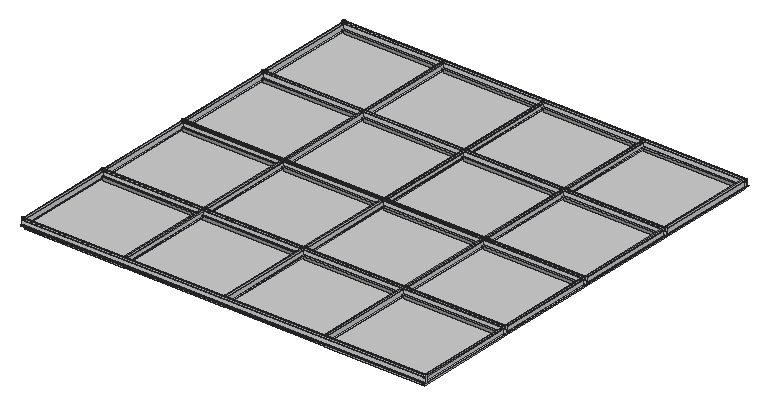
Revit family "GRD-TLE-021_TILE 001_RFA", category Modelos genéricos, Revit 2022 (continued)
Forms (in)
  Extrusion 265, solid, not visible
    sketch origin (16, 0, 0) x (0, 1, 0) y (0, 0, 1)
      loop
        line (24.28363, 0.65884) -> (24.28363, 0.81105) -> (24.15525, 0.96325) -> (0.66201, 0.96325) -> (0.53363, 0.81105) -> (0.53363, 0.65884) -> (1.04039, 0.65884) -> (1.04039, 0.08825) -> (23.77686, 0.08825) -> (23.77686, 0.65884) -> (24.28363, 0.65884)
    from 1.02721 to 1.49718
  Extrusion 266, solid, not visible
    sketch origin (22.53003, 0, 0) x (0, 1, 0) y (0, 0, 1)
      loop
        line (24.28363, 0.65884) -> (24.28363, 0.81105) -> (24.15525, 0.96325) -> (0.66201, 0.96325) -> (0.53363, 0.81105) -> (0.53363, 0.65884) -> (1.04039, 0.65884) -> (1.04039, 0.08825) -> (23.77686, 0.08825) -> (23.77686, 0.65884) -> (24.28363, 0.65884)
    from 1.02721 to 1.49718
  Extrusion 267, solid
    sketch origin (0, 0, 0) x (1, 0, 0) y (0, 0, 1)
      loop
        line (1.09883, 0.09247) -> (23.8353, 0.09247) -> (23.8353, 0.66306) -> (24.0853, 0.66306) -> (24.34206, 0.66306) -> (24.34206, 0.81527) -> (24.21368, 0.96747) -> (0.72045, 0.96747) -> (0.59206, 0.81527) -> (0.59206, 0.66306) -> (0.84883, 0.66306) -> (1.09883, 0.66306) -> (1.09883, 0.09247)
    from -1.53248 to -1.06251
  Extrusion 268, solid
    sketch origin (0, 22.34253, 0) x (1, 0, 0) y (0, 0, 1)
      loop
        line (1.09883, 0.09247) -> (23.8353, 0.09247) -> (23.8353, 0.66306) -> (24.0853, 0.66306) -> (24.34206, 0.66306) -> (24.34206, 0.81527) -> (24.21368, 0.96747) -> (0.72045, 0.96747) -> (0.59206, 0.81527) -> (0.59206, 0.66306) -> (0.84883, 0.66306) -> (1.09883, 0.66306) -> (1.09883, 0.09247)
    from -1.53248 to -1.06251
  Extrusion 269, solid, not visible
    sketch origin (0, 0, 0) x (1, 0, 0) y (0, 1, 0)
      loop
        line (24.37331, 0.56251) -> (24.37331, 24.37501) -> (0.56081, 24.37501) -> (0.56081, 0.56251) -> (24.37331, 0.56251)
    from -0.14799 to 0.32867
  Extrusion 270, solid, not visible
    sketch origin (0, 0, 0) x (1, 0, 0) y (0, 0, 1)
      loop
        line (1.09883, 0.09247) -> (23.8353, 0.09247) -> (23.8353, 0.66306) -> (24.0853, 0.66306) -> (24.34206, 0.66306) -> (24.34206, 0.81527) -> (24.21368, 0.96747) -> (0.72045, 0.96747) -> (0.59206, 0.81527) -> (0.59206, 0.66306) -> (0.84883, 0.66306) -> (1.09883, 0.66306) -> (1.09883, 0.09247)
    from -1.53248 to -1.06251
  Extrusion 271, solid, not visible
    sketch origin (0, 22.34253, 0) x (1, 0, 0) y (0, 0, 1)
      loop
        line (1.09883, 0.09247) -> (23.8353, 0.09247) -> (23.8353, 0.66306) -> (24.0853, 0.66306) -> (24.34206, 0.66306) -> (24.34206, 0.81527) -> (24.21368, 0.96747) -> (0.72045, 0.96747) -> (0.59206, 0.81527) -> (0.59206, 0.66306) -> (0.84883, 0.66306) -> (1.09883, 0.66306) -> (1.09883, 0.09247)
    from -1.53248 to -1.06251
  Extrusion 272, solid
    sketch origin (24, 0, 0) x (1, 0, 0) y (0, 1, 0)
      loop
        line (24.37331, 0.56251) -> (24.37331, 24.37501) -> (0.56081, 24.37501) -> (0.56081, 0.56251) -> (24.37331, 0.56251)
    from -0.14799 to 0.32867
  Extrusion 273, solid
    sketch origin (24, 0, 0) x (1, 0, 0) y (0, 0, 1)
      loop
        line (1.09883, 0.09247) -> (23.8353, 0.09247) -> (23.8353, 0.66306) -> (24.0853, 0.66306) -> (24.34206, 0.66306) -> (24.34206, 0.81527) -> (24.21368, 0.96747) -> (0.72045, 0.96747) -> (0.59206, 0.81527) -> (0.59206, 0.66306) -> (0.84883, 0.66306) -> (1.09883, 0.66306) -> (1.09883, 0.09247)
    from -1.53248 to -1.06251
  Extrusion 274, solid
    sketch origin (24, 22.34253, 0) x (1, 0, 0) y (0, 0, 1)
      loop
        line (1.09883, 0.09247) -> (23.8353, 0.09247) -> (23.8353, 0.66306) -> (24.0853, 0.66306) -> (24.34206, 0.66306) -> (24.34206, 0.81527) -> (24.21368, 0.96747) -> (0.72045, 0.96747) -> (0.59206, 0.81527) -> (0.59206, 0.66306) -> (0.84883, 0.66306) -> (1.09883, 0.66306) -> (1.09883, 0.09247)
    from -1.53248 to -1.06251
  Extrusion 275, solid
    sketch origin (48, 0, 0) x (1, 0, 0) y (0, 1, 0)
      loop
        line (24.37331, 0.56251) -> (24.37331, 24.37501) -> (0.56081, 24.37501) -> (0.56081, 0.56251) -> (24.37331, 0.56251)
    from -0.14799 to 0.32867
  Extrusion 276, solid
    sketch origin (48, 0, 0) x (1, 0, 0) y (0, 0, 1)
      loop
        line (1.09883, 0.09247) -> (23.8353, 0.09247) -> (23.8353, 0.66306) -> (24.0853, 0.66306) -> (24.34206, 0.66306) -> (24.34206, 0.81527) -> (24.21368, 0.96747) -> (0.72045, 0.96747) -> (0.59206, 0.81527) -> (0.59206, 0.66306) -> (0.84883, 0.66306) -> (1.09883, 0.66306) -> (1.09883, 0.09247)
    from -1.53248 to -1.06251
  Extrusion 277, solid
    sketch origin (48, 22.34253, 0) x (1, 0, 0) y (0, 0, 1)
      loop
        line (1.09883, 0.09247) -> (23.8353, 0.09247) -> (23.8353, 0.66306) -> (24.0853, 0.66306) -> (24.34206, 0.66306) -> (24.34206, 0.81527) -> (24.21368, 0.96747) -> (0.72045, 0.96747) -> (0.59206, 0.81527) -> (0.59206, 0.66306) -> (0.84883, 0.66306) -> (1.09883, 0.66306) -> (1.09883, 0.09247)
    from -1.53248 to -1.06251
  Extrusion 278, solid
    sketch origin (72, 0, 0) x (1, 0, 0) y (0, 1, 0)
      loop
        line (24.37331, 0.56251) -> (24.37331, 24.37501) -> (0.56081, 24.37501) -> (0.56081, 0.56251) -> (24.37331, 0.56251)
    from -0.14799 to 0.32867
  Extrusion 279, solid
    sketch origin (72, 0, 0) x (1, 0, 0) y (0, 0, 1)
      loop
        line (1.09883, 0.09247) -> (23.8353, 0.09247) -> (23.8353, 0.66306) -> (24.0853, 0.66306) -> (24.34206, 0.66306) -> (24.34206, 0.81527) -> (24.21368, 0.96747) -> (0.72045, 0.96747) -> (0.59206, 0.81527) -> (0.59206, 0.66306) -> (0.84883, 0.66306) -> (1.09883, 0.66306) -> (1.09883, 0.09247)
    from -1.53248 to -1.06251
  Extrusion 280, solid
    sketch origin (72, 22.34253, 0) x (1, 0, 0) y (0, 0, 1)
      loop
        line (1.09883, 0.09247) -> (23.8353, 0.09247) -> (23.8353, 0.66306) -> (24.0853, 0.66306) -> (24.34206, 0.66306) -> (24.34206, 0.81527) -> (24.21368, 0.96747) -> (0.72045, 0.96747) -> (0.59206, 0.81527) -> (0.59206, 0.66306) -> (0.84883, 0.66306) -> (1.09883, 0.66306) -> (1.09883, 0.09247)
    from -1.53248 to -1.06251
  Extrusion 281, solid
    sketch origin (0, 24, 0) x (1, 0, 0) y (0, 1, 0)
      loop
        line (24.37331, 0.56251) -> (24.37331, 24.37501) -> (0.56081, 24.37501) -> (0.56081, 0.56251) -> (24.37331, 0.56251)
    from -0.14799 to 0.32867
  Extrusion 282, solid
    sketch origin (0, 24, 0) x (1, 0, 0) y (0, 0, 1)
      loop
        line (1.09883, 0.09247) -> (23.8353, 0.09247) -> (23.8353, 0.66306) -> (24.0853, 0.66306) -> (24.34206, 0.66306) -> (24.34206, 0.81527) -> (24.21368, 0.96747) -> (0.72045, 0.96747) -> (0.59206, 0.81527) -> (0.59206, 0.66306) -> (0.84883, 0.66306) -> (1.09883, 0.66306) -> (1.09883, 0.09247)
    from -1.53248 to -1.06251
  Extrusion 283, solid
    sketch origin (0, 46.34253, 0) x (1, 0, 0) y (0, 0, 1)
      loop
        line (1.09883, 0.09247) -> (23.8353, 0.09247) -> (23.8353, 0.66306) -> (24.0853, 0.66306) -> (24.34206, 0.66306) -> (24.34206, 0.81527) -> (24.21368, 0.96747) -> (0.72045, 0.96747) -> (0.59206, 0.81527) -> (0.59206, 0.66306) -> (0.84883, 0.66306) -> (1.09883, 0.66306) -> (1.09883, 0.09247)
    from -1.53248 to -1.06251
  Extrusion 284, solid
    sketch origin (24, 24, 0) x (1, 0, 0) y (0, 1, 0)
      loop
        line (24.37331, 0.56251) -> (24.37331, 24.37501) -> (0.56081, 24.37501) -> (0.56081, 0.56251) -> (24.37331, 0.56251)
    from -0.14799 to 0.32867
  Extrusion 285, solid
    sketch origin (24, 24, 0) x (1, 0, 0) y (0, 0, 1)
      loop
        line (1.09883, 0.09247) -> (23.8353, 0.09247) -> (23.8353, 0.66306) -> (24.0853, 0.66306) -> (24.34206, 0.66306) -> (24.34206, 0.81527) -> (24.21368, 0.96747) -> (0.72045, 0.96747) -> (0.59206, 0.81527) -> (0.59206, 0.66306) -> (0.84883, 0.66306) -> (1.09883, 0.66306) -> (1.09883, 0.09247)
    from -1.53248 to -1.06251
  Extrusion 286, solid
    sketch origin (24, 46.34253, 0) x (1, 0, 0) y (0, 0, 1)
      loop
        line (1.09883, 0.09247) -> (23.8353, 0.09247) -> (23.8353, 0.66306) -> (24.0853, 0.66306) -> (24.34206, 0.66306) -> (24.34206, 0.81527) -> (24.21368, 0.96747) -> (0.72045, 0.96747) -> (0.59206, 0.81527) -> (0.59206, 0.66306) -> (0.84883, 0.66306) -> (1.09883, 0.66306) -> (1.09883, 0.09247)
    from -1.53248 to -1.06251
  Extrusion 287, solid
    sketch origin (48, 24, 0) x (1, 0, 0) y (0, 1, 0)
      loop
        line (24.37331, 0.56251) -> (24.37331, 24.37501) -> (0.56081, 24.37501) -> (0.56081, 0.56251) -> (24.37331, 0.56251)
    from -0.14799 to 0.32867
  Extrusion 288, solid
    sketch origin (48, 24, 0) x (1, 0, 0) y (0, 0, 1)
      loop
        line (1.09883, 0.09247) -> (23.8353, 0.09247) -> (23.8353, 0.66306) -> (24.0853, 0.66306) -> (24.34206, 0.66306) -> (24.34206, 0.81527) -> (24.21368, 0.96747) -> (0.72045, 0.96747) -> (0.59206, 0.81527) -> (0.59206, 0.66306) -> (0.84883, 0.66306) -> (1.09883, 0.66306) -> (1.09883, 0.09247)
    from -1.53248 to -1.06251
  Extrusion 289, solid
    sketch origin (48, 46.34253, 0) x (1, 0, 0) y (0, 0, 1)
      loop
        line (1.09883, 0.09247) -> (23.8353, 0.09247) -> (23.8353, 0.66306) -> (24.0853, 0.66306) -> (24.34206, 0.66306) -> (24.34206, 0.81527) -> (24.21368, 0.96747) -> (0.72045, 0.96747) -> (0.59206, 0.81527) -> (0.59206, 0.66306) -> (0.84883, 0.66306) -> (1.09883, 0.66306) -> (1.09883, 0.09247)
    from -1.53248 to -1.06251
  Extrusion 290, solid
    sketch origin (72, 24, 0) x (1, 0, 0) y (0, 1, 0)
      loop
        line (24.37331, 0.56251) -> (24.37331, 24.37501) -> (0.56081, 24.37501) -> (0.56081, 0.56251) -> (24.37331, 0.56251)
    from -0.14799 to 0.32867
  Extrusion 291, solid
    sketch origin (72, 24, 0) x (1, 0, 0) y (0, 0, 1)
      loop
        line (1.09883, 0.09247) -> (23.8353, 0.09247) -> (23.8353, 0.66306) -> (24.0853, 0.66306) -> (24.34206, 0.66306) -> (24.34206, 0.81527) -> (24.21368, 0.96747) -> (0.72045, 0.96747) -> (0.59206, 0.81527) -> (0.59206, 0.66306) -> (0.84883, 0.66306) -> (1.09883, 0.66306) -> (1.09883, 0.09247)
    from -1.53248 to -1.06251
  Extrusion 292, solid
    sketch origin (72, 46.34253, 0) x (1, 0, 0) y (0, 0, 1)
      loop
        line (1.09883, 0.09247) -> (23.8353, 0.09247) -> (23.8353, 0.66306) -> (24.0853, 0.66306) -> (24.34206, 0.66306) -> (24.34206, 0.81527) -> (24.21368, 0.96747) -> (0.72045, 0.96747) -> (0.59206, 0.81527) -> (0.59206, 0.66306) -> (0.84883, 0.66306) -> (1.09883, 0.66306) -> (1.09883, 0.09247)
    from -1.53248 to -1.06251
  Extrusion 293, solid
    sketch origin (0, 48, 0) x (1, 0, 0) y (0, 1, 0)
      loop
        line (24.37331, 0.56251) -> (24.37331, 24.37501) -> (0.56081, 24.37501) -> (0.56081, 0.56251) -> (24.37331, 0.56251)
    from -0.14799 to 0.32867
  Extrusion 294, solid
    sketch origin (0, 48, 0) x (1, 0, 0) y (0, 0, 1)
      loop
        line (1.09883, 0.09247) -> (23.8353, 0.09247) -> (23.8353, 0.66306) -> (24.0853, 0.66306) -> (24.34206, 0.66306) -> (24.34206, 0.81527) -> (24.21368, 0.96747) -> (0.72045, 0.96747) -> (0.59206, 0.81527) -> (0.59206, 0.66306) -> (0.84883, 0.66306) -> (1.09883, 0.66306) -> (1.09883, 0.09247)
    from -1.53248 to -1.06251
  Extrusion 295, solid
    sketch origin (0, 70.34253, 0) x (1, 0, 0) y (0, 0, 1)
      loop
        line (1.09883, 0.09247) -> (23.8353, 0.09247) -> (23.8353, 0.66306) -> (24.0853, 0.66306) -> (24.34206, 0.66306) -> (24.34206, 0.81527) -> (24.21368, 0.96747) -> (0.72045, 0.96747) -> (0.59206, 0.81527) -> (0.59206, 0.66306) -> (0.84883, 0.66306) -> (1.09883, 0.66306) -> (1.09883, 0.09247)
    from -1.53248 to -1.06251
  Extrusion 296, solid
    sketch origin (24, 48, 0) x (1, 0, 0) y (0, 1, 0)
      loop
        line (24.37331, 0.56251) -> (24.37331, 24.37501) -> (0.56081, 24.37501) -> (0.56081, 0.56251) -> (24.37331, 0.56251)
    from -0.14799 to 0.32867
  Extrusion 297, solid
    sketch origin (24, 48, 0) x (1, 0, 0) y (0, 0, 1)
      loop
        line (1.09883, 0.09247) -> (23.8353, 0.09247) -> (23.8353, 0.66306) -> (24.0853, 0.66306) -> (24.34206, 0.66306) -> (24.34206, 0.81527) -> (24.21368, 0.96747) -> (0.72045, 0.96747) -> (0.59206, 0.81527) -> (0.59206, 0.66306) -> (0.84883, 0.66306) -> (1.09883, 0.66306) -> (1.09883, 0.09247)
    from -1.53248 to -1.06251
  Extrusion 298, solid
    sketch origin (24, 70.34253, 0) x (1, 0, 0) y (0, 0, 1)
      loop
        line (1.09883, 0.09247) -> (23.8353, 0.09247) -> (23.8353, 0.66306) -> (24.0853, 0.66306) -> (24.34206, 0.66306) -> (24.34206, 0.81527) -> (24.21368, 0.96747) -> (0.72045, 0.96747) -> (0.59206, 0.81527) -> (0.59206, 0.66306) -> (0.84883, 0.66306) -> (1.09883, 0.66306) -> (1.09883, 0.09247)
    from -1.53248 to -1.06251
  Extrusion 299, solid
    sketch origin (48, 48, 0) x (1, 0, 0) y (0, 1, 0)
      loop
        line (24.37331, 0.56251) -> (24.37331, 24.37501) -> (0.56081, 24.37501) -> (0.56081, 0.56251) -> (24.37331, 0.56251)
    from -0.14799 to 0.32867
  Extrusion 300, solid
    sketch origin (48, 48, 0) x (1, 0, 0) y (0, 0, 1)
      loop
        line (1.09883, 0.09247) -> (23.8353, 0.09247) -> (23.8353, 0.66306) -> (24.0853, 0.66306) -> (24.34206, 0.66306) -> (24.34206, 0.81527) -> (24.21368, 0.96747) -> (0.72045, 0.96747) -> (0.59206, 0.81527) -> (0.59206, 0.66306) -> (0.84883, 0.66306) -> (1.09883, 0.66306) -> (1.09883, 0.09247)
    from -1.53248 to -1.06251
  Extrusion 301, solid
    sketch origin (48, 70.34253, 0) x (1, 0, 0) y (0, 0, 1)
      loop
        line (1.09883, 0.09247) -> (23.8353, 0.09247) -> (23.8353, 0.66306) -> (24.0853, 0.66306) -> (24.34206, 0.66306) -> (24.34206, 0.81527) -> (24.21368, 0.96747) -> (0.72045, 0.96747) -> (0.59206, 0.81527) -> (0.59206, 0.66306) -> (0.84883, 0.66306) -> (1.09883, 0.66306) -> (1.09883, 0.09247)
    from -1.53248 to -1.06251
  Extrusion 302, solid
    sketch origin (72, 48, 0) x (1, 0, 0) y (0, 1, 0)
      loop
        line (24.37331, 0.56251) -> (24.37331, 24.37501) -> (0.56081, 24.37501) -> (0.56081, 0.56251) -> (24.37331, 0.56251)
    from -0.14799 to 0.32867
  Extrusion 303, solid
    sketch origin (72, 48, 0) x (1, 0, 0) y (0, 0, 1)
      loop
        line (1.09883, 0.09247) -> (23.8353, 0.09247) -> (23.8353, 0.66306) -> (24.0853, 0.66306) -> (24.34206, 0.66306) -> (24.34206, 0.81527) -> (24.21368, 0.96747) -> (0.72045, 0.96747) -> (0.59206, 0.81527) -> (0.59206, 0.66306) -> (0.84883, 0.66306) -> (1.09883, 0.66306) -> (1.09883, 0.09247)
    from -1.53248 to -1.06251
  Extrusion 304, solid
    sketch origin (72, 70.34253, 0) x (1, 0, 0) y (0, 0, 1)
      loop
        line (1.09883, 0.09247) -> (23.8353, 0.09247) -> (23.8353, 0.66306) -> (24.0853, 0.66306) -> (24.34206, 0.66306) -> (24.34206, 0.81527) -> (24.21368, 0.96747) -> (0.72045, 0.96747) -> (0.59206, 0.81527) -> (0.59206, 0.66306) -> (0.84883, 0.66306) -> (1.09883, 0.66306) -> (1.09883, 0.09247)
    from -1.53248 to -1.06251
  Extrusion 305, solid
    sketch origin (0, 72, 0) x (1, 0, 0) y (0, 1, 0)
      loop
        line (24.37331, 0.56251) -> (24.37331, 24.37501) -> (0.56081, 24.37501) -> (0.56081, 0.56251) -> (24.37331, 0.56251)
    from -0.14799 to 0.32867
  Extrusion 306, solid
    sketch origin (0, 72, 0) x (1, 0, 0) y (0, 0, 1)
      loop
        line (1.09883, 0.09247) -> (23.8353, 0.09247) -> (23.8353, 0.66306) -> (24.0853, 0.66306) -> (24.34206, 0.66306) -> (24.34206, 0.81527) -> (24.21368, 0.96747) -> (0.72045, 0.96747) -> (0.59206, 0.81527) -> (0.59206, 0.66306) -> (0.84883, 0.66306) -> (1.09883, 0.66306) -> (1.09883, 0.09247)
    from -1.53248 to -1.06251
  Extrusion 307, solid
    sketch origin (0, 94.34253, 0) x (1, 0, 0) y (0, 0, 1)
      loop
        line (1.09883, 0.09247) -> (23.8353, 0.09247) -> (23.8353, 0.66306) -> (24.0853, 0.66306) -> (24.34206, 0.66306) -> (24.34206, 0.81527) -> (24.21368, 0.96747) -> (0.72045, 0.96747) -> (0.59206, 0.81527) -> (0.59206, 0.66306) -> (0.84883, 0.66306) -> (1.09883, 0.66306) -> (1.09883, 0.09247)
    from -1.53248 to -1.06251
  Extrusion 308, solid
    sketch origin (24, 72, 0) x (1, 0, 0) y (0, 1, 0)
      loop
        line (24.37331, 0.56251) -> (24.37331, 24.37501) -> (0.56081, 24.37501) -> (0.56081, 0.56251) -> (24.37331, 0.56251)
    from -0.14799 to 0.32867
  Extrusion 309, solid
    sketch origin (24, 72, 0) x (1, 0, 0) y (0, 0, 1)
      loop
        line (1.09883, 0.09247) -> (23.8353, 0.09247) -> (23.8353, 0.66306) -> (24.0853, 0.66306) -> (24.34206, 0.66306) -> (24.34206, 0.81527) -> (24.21368, 0.96747) -> (0.72045, 0.96747) -> (0.59206, 0.81527) -> (0.59206, 0.66306) -> (0.84883, 0.66306) -> (1.09883, 0.66306) -> (1.09883, 0.09247)
    from -1.53248 to -1.06251
  Extrusion 310, solid
    sketch origin (24, 94.34253, 0) x (1, 0, 0) y (0, 0, 1)
      loop
        line (1.09883, 0.09247) -> (23.8353, 0.09247) -> (23.8353, 0.66306) -> (24.0853, 0.66306) -> (24.34206, 0.66306) -> (24.34206, 0.81527) -> (24.21368, 0.96747) -> (0.72045, 0.96747) -> (0.59206, 0.81527) -> (0.59206, 0.66306) -> (0.84883, 0.66306) -> (1.09883, 0.66306) -> (1.09883, 0.09247)
    from -1.53248 to -1.06251
  Extrusion 311, solid
    sketch origin (48, 72, 0) x (1, 0, 0) y (0, 1, 0)
      loop
        line (24.37331, 0.56251) -> (24.37331, 24.37501) -> (0.56081, 24.37501) -> (0.56081, 0.56251) -> (24.37331, 0.56251)
    from -0.14799 to 0.32867
  Extrusion 312, solid
    sketch origin (48, 72, 0) x (1, 0, 0) y (0, 0, 1)
      loop
        line (1.09883, 0.09247) -> (23.8353, 0.09247) -> (23.8353, 0.66306) -> (24.0853, 0.66306) -> (24.34206, 0.66306) -> (24.34206, 0.81527) -> (24.21368, 0.96747) -> (0.72045, 0.96747) -> (0.59206, 0.81527) -> (0.59206, 0.66306) -> (0.84883, 0.66306) -> (1.09883, 0.66306) -> (1.09883, 0.09247)
    from -1.53248 to -1.06251
  Extrusion 313, solid
    sketch origin (48, 94.34253, 0) x (1, 0, 0) y (0, 0, 1)
      loop
        line (1.09883, 0.09247) -> (23.8353, 0.09247) -> (23.8353, 0.66306) -> (24.0853, 0.66306) -> (24.34206, 0.66306) -> (24.34206, 0.81527) -> (24.21368, 0.96747) -> (0.72045, 0.96747) -> (0.59206, 0.81527) -> (0.59206, 0.66306) -> (0.84883, 0.66306) -> (1.09883, 0.66306) -> (1.09883, 0.09247)
    from -1.53248 to -1.06251
  Extrusion 314, solid
    sketch origin (72, 72, 0) x (1, 0, 0) y (0, 1, 0)
      loop
        line (24.37331, 0.56251) -> (24.37331, 24.37501) -> (0.56081, 24.37501) -> (0.56081, 0.56251) -> (24.37331, 0.56251)
    from -0.14799 to 0.32867
  Extrusion 315, solid
    sketch origin (72, 72, 0) x (1, 0, 0) y (0, 0, 1)
      loop
        line (1.09883, 0.09247) -> (23.8353, 0.09247) -> (23.8353, 0.66306) -> (24.0853, 0.66306) -> (24.34206, 0.66306) -> (24.34206, 0.81527) -> (24.21368, 0.96747) -> (0.72045, 0.96747) -> (0.59206, 0.81527) -> (0.59206, 0.66306) -> (0.84883, 0.66306) -> (1.09883, 0.66306) -> (1.09883, 0.09247)
    from -1.53248 to -1.06251
  Extrusion 316, solid
    sketch origin (72, 94.34253, 0) x (1, 0, 0) y (0, 0, 1)
      loop
        line (1.09883, 0.09247) -> (23.8353, 0.09247) -> (23.8353, 0.66306) -> (24.0853, 0.66306) -> (24.34206, 0.66306) -> (24.34206, 0.81527) -> (24.21368, 0.96747) -> (0.72045, 0.96747) -> (0.59206, 0.81527) -> (0.59206, 0.66306) -> (0.84883, 0.66306) -> (1.09883, 0.66306) -> (1.09883, 0.09247)
    from -1.53248 to -1.06251
  Extrusion 317, solid, not visible
    sketch origin (0, 0, 0) x (0, 1, 0) y (0, 0, 1)
      loop
        line (0.42221, 1.66259) -> (0.42231, 0.67354)
        arc (0.42231, 0.67354) -> (0.41009, 0.64403) -> (0.38057, 0.6318) r 0.04174
        line (0.38057, 0.6318) -> (-0.00639, 0.6318) -> (-0.00639, 0.59057) -> (0.8874, 0.59057) -> (0.8874, 0.6318) -> (0.49998, 0.6318)
        arc (0.49998, 0.6318) -> (0.47046, 0.64403) -> (0.45824, 0.67354) r 0.04174
        line (0.45824, 0.67354) -> (0.45834, 1.66259)
        arc (0.45834, 1.66259) -> (0.46543, 1.67969) -> (0.48252, 1.68677) r 0.02418
        line (0.48252, 1.68677) -> (0.52252, 1.68677)
        arc (0.52252, 1.68677) -> (0.55303, 1.69941) -> (0.56566, 1.72991) r 0.04314
        line (0.56566, 1.72991) -> (0.56566, 2.14095)
        arc (0.56566, 2.14095) -> (0.5626, 2.15637) -> (0.55386, 2.16944) r 0.04029
        line (0.55386, 2.16944) -> (0.47053, 2.25277)
        arc (0.47053, 2.25277) -> (0.44027, 2.2653) -> (0.41002, 2.25277) r 0.04279
        line (0.41002, 2.25277) -> (0.32669, 2.16944)
        arc (0.32669, 2.16944) -> (0.31795, 2.15637) -> (0.31489, 2.14095) r 0.04029
        line (0.31489, 2.14095) -> (0.31489, 1.72991)
        arc (0.31489, 1.72991) -> (0.32752, 1.69941) -> (0.35803, 1.68677) r 0.04314
        line (0.35803, 1.68677) -> (0.39803, 1.68677)
        arc (0.39803, 1.68677) -> (0.41512, 1.67969) -> (0.42221, 1.66259) r 0.02418
      loop
        arc (0.33294, 1.7291) -> (0.34005, 1.71194) -> (0.35722, 1.70483) r 0.02428
        line (0.35722, 1.70483) -> (0.39815, 1.70483)
        arc (0.39815, 1.70483) -> (0.42797, 1.69248) -> (0.44023, 1.66266) r 0.04217
        arc (0.44023, 1.66266) -> (0.45258, 1.69248) -> (0.4824, 1.70483) r 0.04217
        line (0.4824, 1.70483) -> (0.52333, 1.70483)
        arc (0.52333, 1.70483) -> (0.54049, 1.71194) -> (0.54761, 1.7291) r 0.02428
        line (0.54761, 1.7291) -> (0.54761, 2.15016) -> (0.45704, 2.24072)
        arc (0.45704, 2.24072) -> (0.44027, 2.24767) -> (0.42351, 2.24072) r 0.02371
        line (0.42351, 2.24072) -> (0.33294, 2.15016) -> (0.33294, 1.7291)
    from 0 to 96.9361
  Extrusion 318, solid, not visible
    sketch origin (0, 24, 0) x (0, 1, 0) y (0, 0, 1)
      loop
        line (0.42221, 1.66259) -> (0.42231, 0.67354)
        arc (0.42231, 0.67354) -> (0.41009, 0.64403) -> (0.38057, 0.6318) r 0.04174
        line (0.38057, 0.6318) -> (-0.00639, 0.6318) -> (-0.00639, 0.59057) -> (0.8874, 0.59057) -> (0.8874, 0.6318) -> (0.49998, 0.6318)
        arc (0.49998, 0.6318) -> (0.47046, 0.64403) -> (0.45824, 0.67354) r 0.04174
        line (0.45824, 0.67354) -> (0.45834, 1.66259)
        arc (0.45834, 1.66259) -> (0.46543, 1.67969) -> (0.48252, 1.68677) r 0.02418
        line (0.48252, 1.68677) -> (0.52252, 1.68677)
        arc (0.52252, 1.68677) -> (0.55303, 1.69941) -> (0.56566, 1.72991) r 0.04314
        line (0.56566, 1.72991) -> (0.56566, 2.14095)
        arc (0.56566, 2.14095) -> (0.5626, 2.15637) -> (0.55386, 2.16944) r 0.04029
        line (0.55386, 2.16944) -> (0.47053, 2.25277)
        arc (0.47053, 2.25277) -> (0.44027, 2.2653) -> (0.41002, 2.25277) r 0.04279
        line (0.41002, 2.25277) -> (0.32669, 2.16944)
        arc (0.32669, 2.16944) -> (0.31795, 2.15637) -> (0.31489, 2.14095) r 0.04029
        line (0.31489, 2.14095) -> (0.31489, 1.72991)
        arc (0.31489, 1.72991) -> (0.32752, 1.69941) -> (0.35803, 1.68677) r 0.04314
        line (0.35803, 1.68677) -> (0.39803, 1.68677)
        arc (0.39803, 1.68677) -> (0.41512, 1.67969) -> (0.42221, 1.66259) r 0.02418
      loop
        arc (0.33294, 1.7291) -> (0.34005, 1.71194) -> (0.35722, 1.70483) r 0.02428
        line (0.35722, 1.70483) -> (0.39815, 1.70483)
        arc (0.39815, 1.70483) -> (0.42797, 1.69248) -> (0.44023, 1.66266) r 0.04217
        arc (0.44023, 1.66266) -> (0.45258, 1.69248) -> (0.4824, 1.70483) r 0.04217
        line (0.4824, 1.70483) -> (0.52333, 1.70483)
        arc (0.52333, 1.70483) -> (0.54049, 1.71194) -> (0.54761, 1.7291) r 0.02428
        line (0.54761, 1.7291) -> (0.54761, 2.15016) -> (0.45704, 2.24072)
        arc (0.45704, 2.24072) -> (0.44027, 2.24767) -> (0.42351, 2.24072) r 0.02371
        line (0.42351, 2.24072) -> (0.33294, 2.15016) -> (0.33294, 1.7291)
    from 0 to 96.9361
  Extrusion 319, solid, not visible
    sketch origin (0, 48, 0) x (0, 1, 0) y (0, 0, 1)
      loop
        line (0.42221, 1.66259) -> (0.42231, 0.67354)
        arc (0.42231, 0.67354) -> (0.41009, 0.64403) -> (0.38057, 0.6318) r 0.04174
        line (0.38057, 0.6318) -> (-0.00639, 0.6318) -> (-0.00639, 0.59057) -> (0.8874, 0.59057) -> (0.8874, 0.6318) -> (0.49998, 0.6318)
        arc (0.49998, 0.6318) -> (0.47046, 0.64403) -> (0.45824, 0.67354) r 0.04174
        line (0.45824, 0.67354) -> (0.45834, 1.66259)
        arc (0.45834, 1.66259) -> (0.46543, 1.67969) -> (0.48252, 1.68677) r 0.02418
        line (0.48252, 1.68677) -> (0.52252, 1.68677)
        arc (0.52252, 1.68677) -> (0.55303, 1.69941) -> (0.56566, 1.72991) r 0.04314
        line (0.56566, 1.72991) -> (0.56566, 2.14095)
        arc (0.56566, 2.14095) -> (0.5626, 2.15637) -> (0.55386, 2.16944) r 0.04029
        line (0.55386, 2.16944) -> (0.47053, 2.25277)
        arc (0.47053, 2.25277) -> (0.44027, 2.2653) -> (0.41002, 2.25277) r 0.04279
        line (0.41002, 2.25277) -> (0.32669, 2.16944)
        arc (0.32669, 2.16944) -> (0.31795, 2.15637) -> (0.31489, 2.14095) r 0.04029
        line (0.31489, 2.14095) -> (0.31489, 1.72991)
        arc (0.31489, 1.72991) -> (0.32752, 1.69941) -> (0.35803, 1.68677) r 0.04314
        line (0.35803, 1.68677) -> (0.39803, 1.68677)
        arc (0.39803, 1.68677) -> (0.41512, 1.67969) -> (0.42221, 1.66259) r 0.02418
      loop
        arc (0.33294, 1.7291) -> (0.34005, 1.71194) -> (0.35722, 1.70483) r 0.02428
        line (0.35722, 1.70483) -> (0.39815, 1.70483)
        arc (0.39815, 1.70483) -> (0.42797, 1.69248) -> (0.44023, 1.66266) r 0.04217
        arc (0.44023, 1.66266) -> (0.45258, 1.69248) -> (0.4824, 1.70483) r 0.04217
        line (0.4824, 1.70483) -> (0.52333, 1.70483)
        arc (0.52333, 1.70483) -> (0.54049, 1.71194) -> (0.54761, 1.7291) r 0.02428
        line (0.54761, 1.7291) -> (0.54761, 2.15016) -> (0.45704, 2.24072)
        arc (0.45704, 2.24072) -> (0.44027, 2.24767) -> (0.42351, 2.24072) r 0.02371
        line (0.42351, 2.24072) -> (0.33294, 2.15016) -> (0.33294, 1.7291)
    from 0 to 96.9361
  Extrusion 320, solid, not visible
    sketch origin (0, 72, 0) x (0, 1, 0) y (0, 0, 1)
      loop
        line (0.42221, 1.66259) -> (0.42231, 0.67354)
        arc (0.42231, 0.67354) -> (0.41009, 0.64403) -> (0.38057, 0.6318) r 0.04174
        line (0.38057, 0.6318) -> (-0.00639, 0.6318) -> (-0.00639, 0.59057) -> (0.8874, 0.59057) -> (0.8874, 0.6318) -> (0.49998, 0.6318)
        arc (0.49998, 0.6318) -> (0.47046, 0.64403) -> (0.45824, 0.67354) r 0.04174
        line (0.45824, 0.67354) -> (0.45834, 1.66259)
        arc (0.45834, 1.66259) -> (0.46543, 1.67969) -> (0.48252, 1.68677) r 0.02418
        line (0.48252, 1.68677) -> (0.52252, 1.68677)
        arc (0.52252, 1.68677) -> (0.55303, 1.69941) -> (0.56566, 1.72991) r 0.04314
        line (0.56566, 1.72991) -> (0.56566, 2.14095)
        arc (0.56566, 2.14095) -> (0.5626, 2.15637) -> (0.55386, 2.16944) r 0.04029
        line (0.55386, 2.16944) -> (0.47053, 2.25277)
        arc (0.47053, 2.25277) -> (0.44027, 2.2653) -> (0.41002, 2.25277) r 0.04279
        line (0.41002, 2.25277) -> (0.32669, 2.16944)
        arc (0.32669, 2.16944) -> (0.31795, 2.15637) -> (0.31489, 2.14095) r 0.04029
        line (0.31489, 2.14095) -> (0.31489, 1.72991)
        arc (0.31489, 1.72991) -> (0.32752, 1.69941) -> (0.35803, 1.68677) r 0.04314
        line (0.35803, 1.68677) -> (0.39803, 1.68677)
        arc (0.39803, 1.68677) -> (0.41512, 1.67969) -> (0.42221, 1.66259) r 0.02418
      loop
        arc (0.33294, 1.7291) -> (0.34005, 1.71194) -> (0.35722, 1.70483) r 0.02428
        line (0.35722, 1.70483) -> (0.39815, 1.70483)
        arc (0.39815, 1.70483) -> (0.42797, 1.69248) -> (0.44023, 1.66266) r 0.04217
        arc (0.44023, 1.66266) -> (0.45258, 1.69248) -> (0.4824, 1.70483) r 0.04217
        line (0.4824, 1.70483) -> (0.52333, 1.70483)
        arc (0.52333, 1.70483) -> (0.54049, 1.71194) -> (0.54761, 1.7291) r 0.02428
        line (0.54761, 1.7291) -> (0.54761, 2.15016) -> (0.45704, 2.24072)
        arc (0.45704, 2.24072) -> (0.44027, 2.24767) -> (0.42351, 2.24072) r 0.02371
        line (0.42351, 2.24072) -> (0.33294, 2.15016) -> (0.33294, 1.7291)
    from 0 to 96.9361
  Extrusion 321, solid, not visible
    sketch origin (0, 96, 0) x (0, 1, 0) y (0, 0, 1)
      loop
        line (0.42221, 1.66259) -> (0.42231, 0.67354)
        arc (0.42231, 0.67354) -> (0.41009, 0.64403) -> (0.38057, 0.6318) r 0.04174
        line (0.38057, 0.6318) -> (-0.00639, 0.6318) -> (-0.00639, 0.59057) -> (0.8874, 0.59057) -> (0.8874, 0.6318) -> (0.49998, 0.6318)
        arc (0.49998, 0.6318) -> (0.47046, 0.64403) -> (0.45824, 0.67354) r 0.04174
        line (0.45824, 0.67354) -> (0.45834, 1.66259)
        arc (0.45834, 1.66259) -> (0.46543, 1.67969) -> (0.48252, 1.68677) r 0.02418
        line (0.48252, 1.68677) -> (0.52252, 1.68677)
        arc (0.52252, 1.68677) -> (0.55303, 1.69941) -> (0.56566, 1.72991) r 0.04314
        line (0.56566, 1.72991) -> (0.56566, 2.14095)
        arc (0.56566, 2.14095) -> (0.5626, 2.15637) -> (0.55386, 2.16944) r 0.04029
        line (0.55386, 2.16944) -> (0.47053, 2.25277)
        arc (0.47053, 2.25277) -> (0.44027, 2.2653) -> (0.41002, 2.25277) r 0.04279
        line (0.41002, 2.25277) -> (0.32669, 2.16944)
        arc (0.32669, 2.16944) -> (0.31795, 2.15637) -> (0.31489, 2.14095) r 0.04029
        line (0.31489, 2.14095) -> (0.31489, 1.72991)
        arc (0.31489, 1.72991) -> (0.32752, 1.69941) -> (0.35803, 1.68677) r 0.04314
        line (0.35803, 1.68677) -> (0.39803, 1.68677)
        arc (0.39803, 1.68677) -> (0.41512, 1.67969) -> (0.42221, 1.66259) r 0.02418
      loop
        arc (0.33294, 1.7291) -> (0.34005, 1.71194) -> (0.35722, 1.70483) r 0.02428
        line (0.35722, 1.70483) -> (0.39815, 1.70483)
        arc (0.39815, 1.70483) -> (0.42797, 1.69248) -> (0.44023, 1.66266) r 0.04217
        arc (0.44023, 1.66266) -> (0.45258, 1.69248) -> (0.4824, 1.70483) r 0.04217
        line (0.4824, 1.70483) -> (0.52333, 1.70483)
        arc (0.52333, 1.70483) -> (0.54049, 1.71194) -> (0.54761, 1.7291) r 0.02428
        line (0.54761, 1.7291) -> (0.54761, 2.15016) -> (0.45704, 2.24072)
        arc (0.45704, 2.24072) -> (0.44027, 2.24767) -> (0.42351, 2.24072) r 0.02371
        line (0.42351, 2.24072) -> (0.33294, 2.15016) -> (0.33294, 1.7291)
    from 0 to 96.9361
  Extrusion 322, solid, not visible
    sketch origin (48.02754, 154.90856, 0) x (1, 0, 0) y (0, 0, 1)
      loop
        line (0.42221, 1.66259) -> (0.42231, 0.67354)
        arc (0.42231, 0.67354) -> (0.41009, 0.64403) -> (0.38057, 0.6318) r 0.04174
        line (0.38057, 0.6318) -> (-0.00639, 0.6318) -> (-0.00639, 0.59057) -> (0.8874, 0.59057) -> (0.8874, 0.6318) -> (0.49998, 0.6318)
        arc (0.49998, 0.6318) -> (0.47046, 0.64403) -> (0.45824, 0.67354) r 0.04174
        line (0.45824, 0.67354) -> (0.45834, 1.66259)
        arc (0.45834, 1.66259) -> (0.46543, 1.67969) -> (0.48252, 1.68677) r 0.02418
        line (0.48252, 1.68677) -> (0.52252, 1.68677)
        arc (0.52252, 1.68677) -> (0.55303, 1.69941) -> (0.56566, 1.72991) r 0.04314
        line (0.56566, 1.72991) -> (0.56566, 2.14095)
        arc (0.56566, 2.14095) -> (0.5626, 2.15637) -> (0.55386, 2.16944) r 0.04029
        line (0.55386, 2.16944) -> (0.47053, 2.25277)
        arc (0.47053, 2.25277) -> (0.44027, 2.2653) -> (0.41002, 2.25277) r 0.04279
        line (0.41002, 2.25277) -> (0.32669, 2.16944)
        arc (0.32669, 2.16944) -> (0.31795, 2.15637) -> (0.31489, 2.14095) r 0.04029
        line (0.31489, 2.14095) -> (0.31489, 1.72991)
        arc (0.31489, 1.72991) -> (0.32752, 1.69941) -> (0.35803, 1.68677) r 0.04314
        line (0.35803, 1.68677) -> (0.39803, 1.68677)
        arc (0.39803, 1.68677) -> (0.41512, 1.67969) -> (0.42221, 1.66259) r 0.02418
      loop
        arc (0.33294, 1.7291) -> (0.34005, 1.71194) -> (0.35722, 1.70483) r 0.02428
        line (0.35722, 1.70483) -> (0.39815, 1.70483)
        arc (0.39815, 1.70483) -> (0.42797, 1.69248) -> (0.44023, 1.66266) r 0.04217
        arc (0.44023, 1.66266) -> (0.45258, 1.69248) -> (0.4824, 1.70483) r 0.04217
        line (0.4824, 1.70483) -> (0.52333, 1.70483)
        arc (0.52333, 1.70483) -> (0.54049, 1.71194) -> (0.54761, 1.7291) r 0.02428
        line (0.54761, 1.7291) -> (0.54761, 2.15016) -> (0.45704, 2.24072)
        arc (0.45704, 2.24072) -> (0.44027, 2.24767) -> (0.42351, 2.24072) r 0.02371
        line (0.42351, 2.24072) -> (0.33294, 2.15016) -> (0.33294, 1.7291)
    from 58.93614 to 81.99864
  Extrusion 323, solid, not visible
    sketch origin (72.02767, 154.90856, 0) x (1, 0, 0) y (0, 0, 1)
      loop
        line (0.42221, 1.66259) -> (0.42231, 0.67354)
        arc (0.42231, 0.67354) -> (0.41009, 0.64403) -> (0.38057, 0.6318) r 0.04174
        line (0.38057, 0.6318) -> (-0.00639, 0.6318) -> (-0.00639, 0.59057) -> (0.8874, 0.59057) -> (0.8874, 0.6318) -> (0.49998, 0.6318)
        arc (0.49998, 0.6318) -> (0.47046, 0.64403) -> (0.45824, 0.67354) r 0.04174
        line (0.45824, 0.67354) -> (0.45834, 1.66259)
        arc (0.45834, 1.66259) -> (0.46543, 1.67969) -> (0.48252, 1.68677) r 0.02418
        line (0.48252, 1.68677) -> (0.52252, 1.68677)
        arc (0.52252, 1.68677) -> (0.55303, 1.69941) -> (0.56566, 1.72991) r 0.04314
        line (0.56566, 1.72991) -> (0.56566, 2.14095)
        arc (0.56566, 2.14095) -> (0.5626, 2.15637) -> (0.55386, 2.16944) r 0.04029
        line (0.55386, 2.16944) -> (0.47053, 2.25277)
        arc (0.47053, 2.25277) -> (0.44027, 2.2653) -> (0.41002, 2.25277) r 0.04279
        line (0.41002, 2.25277) -> (0.32669, 2.16944)
        arc (0.32669, 2.16944) -> (0.31795, 2.15637) -> (0.31489, 2.14095) r 0.04029
        line (0.31489, 2.14095) -> (0.31489, 1.72991)
        arc (0.31489, 1.72991) -> (0.32752, 1.69941) -> (0.35803, 1.68677) r 0.04314
        line (0.35803, 1.68677) -> (0.39803, 1.68677)
        arc (0.39803, 1.68677) -> (0.41512, 1.67969) -> (0.42221, 1.66259) r 0.02418
      loop
        arc (0.33294, 1.7291) -> (0.34005, 1.71194) -> (0.35722, 1.70483) r 0.02428
        line (0.35722, 1.70483) -> (0.39815, 1.70483)
        arc (0.39815, 1.70483) -> (0.42797, 1.69248) -> (0.44023, 1.66266) r 0.04217
        arc (0.44023, 1.66266) -> (0.45258, 1.69248) -> (0.4824, 1.70483) r 0.04217
        line (0.4824, 1.70483) -> (0.52333, 1.70483)
        arc (0.52333, 1.70483) -> (0.54049, 1.71194) -> (0.54761, 1.7291) r 0.02428
        line (0.54761, 1.7291) -> (0.54761, 2.15016) -> (0.45704, 2.24072)
        arc (0.45704, 2.24072) -> (0.44027, 2.24767) -> (0.42351, 2.24072) r 0.02371
        line (0.42351, 2.24072) -> (0.33294, 2.15016) -> (0.33294, 1.7291)
    from 58.93614 to 81.99864
  Extrusion 324, solid, not visible
    sketch origin (96.02767, 154.90856, 0) x (1, 0, 0) y (0, 0, 1)
      loop
        line (0.42221, 1.66259) -> (0.42231, 0.67354)
        arc (0.42231, 0.67354) -> (0.41009, 0.64403) -> (0.38057, 0.6318) r 0.04174
        line (0.38057, 0.6318) -> (-0.00639, 0.6318) -> (-0.00639, 0.59057) -> (0.8874, 0.59057) -> (0.8874, 0.6318) -> (0.49998, 0.6318)
        arc (0.49998, 0.6318) -> (0.47046, 0.64403) -> (0.45824, 0.67354) r 0.04174
        line (0.45824, 0.67354) -> (0.45834, 1.66259)
        arc (0.45834, 1.66259) -> (0.46543, 1.67969) -> (0.48252, 1.68677) r 0.02418
        line (0.48252, 1.68677) -> (0.52252, 1.68677)
        arc (0.52252, 1.68677) -> (0.55303, 1.69941) -> (0.56566, 1.72991) r 0.04314
        line (0.56566, 1.72991) -> (0.56566, 2.14095)
        arc (0.56566, 2.14095) -> (0.5626, 2.15637) -> (0.55386, 2.16944) r 0.04029
        line (0.55386, 2.16944) -> (0.47053, 2.25277)
        arc (0.47053, 2.25277) -> (0.44027, 2.2653) -> (0.41002, 2.25277) r 0.04279
        line (0.41002, 2.25277) -> (0.32669, 2.16944)
        arc (0.32669, 2.16944) -> (0.31795, 2.15637) -> (0.31489, 2.14095) r 0.04029
        line (0.31489, 2.14095) -> (0.31489, 1.72991)
        arc (0.31489, 1.72991) -> (0.32752, 1.69941) -> (0.35803, 1.68677) r 0.04314
        line (0.35803, 1.68677) -> (0.39803, 1.68677)
        arc (0.39803, 1.68677) -> (0.41512, 1.67969) -> (0.42221, 1.66259) r 0.02418
      loop
        arc (0.33294, 1.7291) -> (0.34005, 1.71194) -> (0.35722, 1.70483) r 0.02428
        line (0.35722, 1.70483) -> (0.39815, 1.70483)
        arc (0.39815, 1.70483) -> (0.42797, 1.69248) -> (0.44023, 1.66266) r 0.04217
        arc (0.44023, 1.66266) -> (0.45258, 1.69248) -> (0.4824, 1.70483) r 0.04217
        line (0.4824, 1.70483) -> (0.52333, 1.70483)
        arc (0.52333, 1.70483) -> (0.54049, 1.71194) -> (0.54761, 1.7291) r 0.02428
        line (0.54761, 1.7291) -> (0.54761, 2.15016) -> (0.45704, 2.24072)
        arc (0.45704, 2.24072) -> (0.44027, 2.24767) -> (0.42351, 2.24072) r 0.02371
        line (0.42351, 2.24072) -> (0.33294, 2.15016) -> (0.33294, 1.7291)
    from 58.93614 to 81.99864
  Extrusion 325, solid, not visible
    sketch origin (24.02767, 154.90856, 0) x (1, 0, 0) y (0, 0, 1)
      loop
        line (0.42221, 1.66259) -> (0.42231, 0.67354)
        arc (0.42231, 0.67354) -> (0.41009, 0.64403) -> (0.38057, 0.6318) r 0.04174
        line (0.38057, 0.6318) -> (-0.00639, 0.6318) -> (-0.00639, 0.59057) -> (0.8874, 0.59057) -> (0.8874, 0.6318) -> (0.49998, 0.6318)
        arc (0.49998, 0.6318) -> (0.47046, 0.64403) -> (0.45824, 0.67354) r 0.04174
        line (0.45824, 0.67354) -> (0.45834, 1.66259)
        arc (0.45834, 1.66259) -> (0.46543, 1.67969) -> (0.48252, 1.68677) r 0.02418
        line (0.48252, 1.68677) -> (0.52252, 1.68677)
        arc (0.52252, 1.68677) -> (0.55303, 1.69941) -> (0.56566, 1.72991) r 0.04314
        line (0.56566, 1.72991) -> (0.56566, 2.14095)
        arc (0.56566, 2.14095) -> (0.5626, 2.15637) -> (0.55386, 2.16944) r 0.04029
        line (0.55386, 2.16944) -> (0.47053, 2.25277)
        arc (0.47053, 2.25277) -> (0.44027, 2.2653) -> (0.41002, 2.25277) r 0.04279
        line (0.41002, 2.25277) -> (0.32669, 2.16944)
        arc (0.32669, 2.16944) -> (0.31795, 2.15637) -> (0.31489, 2.14095) r 0.04029
        line (0.31489, 2.14095) -> (0.31489, 1.72991)
        arc (0.31489, 1.72991) -> (0.32752, 1.69941) -> (0.35803, 1.68677) r 0.04314
        line (0.35803, 1.68677) -> (0.39803, 1.68677)
        arc (0.39803, 1.68677) -> (0.41512, 1.67969) -> (0.42221, 1.66259) r 0.02418
      loop
        arc (0.33294, 1.7291) -> (0.34005, 1.71194) -> (0.35722, 1.70483) r 0.02428
        line (0.35722, 1.70483) -> (0.39815, 1.70483)
        arc (0.39815, 1.70483) -> (0.42797, 1.69248) -> (0.44023, 1.66266) r 0.04217
        arc (0.44023, 1.66266) -> (0.45258, 1.69248) -> (0.4824, 1.70483) r 0.04217
        line (0.4824, 1.70483) -> (0.52333, 1.70483)
        arc (0.52333, 1.70483) -> (0.54049, 1.71194) -> (0.54761, 1.7291) r 0.02428
        line (0.54761, 1.7291) -> (0.54761, 2.15016) -> (0.45704, 2.24072)
        arc (0.45704, 2.24072) -> (0.44027, 2.24767) -> (0.42351, 2.24072) r 0.02371
        line (0.42351, 2.24072) -> (0.33294, 2.15016) -> (0.33294, 1.7291)
    from 58.93614 to 81.99864
  Extrusion 326, solid, not visible
    sketch origin (0.02767, 154.90856, 0) x (1, 0, 0) y (0, 0, 1)
      loop
        line (0.42221, 1.66259) -> (0.42231, 0.67354)
        arc (0.42231, 0.67354) -> (0.41009, 0.64403) -> (0.38057, 0.6318) r 0.04174
        line (0.38057, 0.6318) -> (-0.00639, 0.6318) -> (-0.00639, 0.59057) -> (0.8874, 0.59057) -> (0.8874, 0.6318) -> (0.49998, 0.6318)
        arc (0.49998, 0.6318) -> (0.47046, 0.64403) -> (0.45824, 0.67354) r 0.04174
        line (0.45824, 0.67354) -> (0.45834, 1.66259)
        arc (0.45834, 1.66259) -> (0.46543, 1.67969) -> (0.48252, 1.68677) r 0.02418
        line (0.48252, 1.68677) -> (0.52252, 1.68677)
        arc (0.52252, 1.68677) -> (0.55303, 1.69941) -> (0.56566, 1.72991) r 0.04314
        line (0.56566, 1.72991) -> (0.56566, 2.14095)
        arc (0.56566, 2.14095) -> (0.5626, 2.15637) -> (0.55386, 2.16944) r 0.04029
        line (0.55386, 2.16944) -> (0.47053, 2.25277)
        arc (0.47053, 2.25277) -> (0.44027, 2.2653) -> (0.41002, 2.25277) r 0.04279
        line (0.41002, 2.25277) -> (0.32669, 2.16944)
        arc (0.32669, 2.16944) -> (0.31795, 2.15637) -> (0.31489, 2.14095) r 0.04029
        line (0.31489, 2.14095) -> (0.31489, 1.72991)
        arc (0.31489, 1.72991) -> (0.32752, 1.69941) -> (0.35803, 1.68677) r 0.04314
        line (0.35803, 1.68677) -> (0.39803, 1.68677)
        arc (0.39803, 1.68677) -> (0.41512, 1.67969) -> (0.42221, 1.66259) r 0.02418
      loop
        arc (0.33294, 1.7291) -> (0.34005, 1.71194) -> (0.35722, 1.70483) r 0.02428
        line (0.35722, 1.70483) -> (0.39815, 1.70483)
        arc (0.39815, 1.70483) -> (0.42797, 1.69248) -> (0.44023, 1.66266) r 0.04217
        arc (0.44023, 1.66266) -> (0.45258, 1.69248) -> (0.4824, 1.70483) r 0.04217
        line (0.4824, 1.70483) -> (0.52333, 1.70483)
        arc (0.52333, 1.70483) -> (0.54049, 1.71194) -> (0.54761, 1.7291) r 0.02428
        line (0.54761, 1.7291) -> (0.54761, 2.15016) -> (0.45704, 2.24072)
        arc (0.45704, 2.24072) -> (0.44027, 2.24767) -> (0.42351, 2.24072) r 0.02371
        line (0.42351, 2.24072) -> (0.33294, 2.15016) -> (0.33294, 1.7291)
    from 58.93614 to 81.99864
  Extrusion 327, solid, not visible
    sketch origin (48.02754, 130.90855, 0) x (1, 0, 0) y (0, 0, 1)
      loop
        line (0.42221, 1.66259) -> (0.42231, 0.67354)
        arc (0.42231, 0.67354) -> (0.41009, 0.64403) -> (0.38057, 0.6318) r 0.04174
        line (0.38057, 0.6318) -> (-0.00639, 0.6318) -> (-0.00639, 0.59057) -> (0.8874, 0.59057) -> (0.8874, 0.6318) -> (0.49998, 0.6318)
        arc (0.49998, 0.6318) -> (0.47046, 0.64403) -> (0.45824, 0.67354) r 0.04174
        line (0.45824, 0.67354) -> (0.45834, 1.66259)
        arc (0.45834, 1.66259) -> (0.46543, 1.67969) -> (0.48252, 1.68677) r 0.02418
        line (0.48252, 1.68677) -> (0.52252, 1.68677)
        arc (0.52252, 1.68677) -> (0.55303, 1.69941) -> (0.56566, 1.72991) r 0.04314
        line (0.56566, 1.72991) -> (0.56566, 2.14095)
        arc (0.56566, 2.14095) -> (0.5626, 2.15637) -> (0.55386, 2.16944) r 0.04029
        line (0.55386, 2.16944) -> (0.47053, 2.25277)
        arc (0.47053, 2.25277) -> (0.44027, 2.2653) -> (0.41002, 2.25277) r 0.04279
        line (0.41002, 2.25277) -> (0.32669, 2.16944)
        arc (0.32669, 2.16944) -> (0.31795, 2.15637) -> (0.31489, 2.14095) r 0.04029
        line (0.31489, 2.14095) -> (0.31489, 1.72991)
        arc (0.31489, 1.72991) -> (0.32752, 1.69941) -> (0.35803, 1.68677) r 0.04314
        line (0.35803, 1.68677) -> (0.39803, 1.68677)
        arc (0.39803, 1.68677) -> (0.41512, 1.67969) -> (0.42221, 1.66259) r 0.02418
      loop
        arc (0.33294, 1.7291) -> (0.34005, 1.71194) -> (0.35722, 1.70483) r 0.02428
        line (0.35722, 1.70483) -> (0.39815, 1.70483)
        arc (0.39815, 1.70483) -> (0.42797, 1.69248) -> (0.44023, 1.66266) r 0.04217
        arc (0.44023, 1.66266) -> (0.45258, 1.69248) -> (0.4824, 1.70483) r 0.04217
        line (0.4824, 1.70483) -> (0.52333, 1.70483)
        arc (0.52333, 1.70483) -> (0.54049, 1.71194) -> (0.54761, 1.7291) r 0.02428
        line (0.54761, 1.7291) -> (0.54761, 2.15016) -> (0.45704, 2.24072)
        arc (0.45704, 2.24072) -> (0.44027, 2.24767) -> (0.42351, 2.24072) r 0.02371
        line (0.42351, 2.24072) -> (0.33294, 2.15016) -> (0.33294, 1.7291)
    from 58.93614 to 81.99864
  Extrusion 328, solid, not visible
    sketch origin (72.02767, 130.90855, 0) x (1, 0, 0) y (0, 0, 1)
      loop
        line (0.42221, 1.66259) -> (0.42231, 0.67354)
        arc (0.42231, 0.67354) -> (0.41009, 0.64403) -> (0.38057, 0.6318) r 0.04174
        line (0.38057, 0.6318) -> (-0.00639, 0.6318) -> (-0.00639, 0.59057) -> (0.8874, 0.59057) -> (0.8874, 0.6318) -> (0.49998, 0.6318)
        arc (0.49998, 0.6318) -> (0.47046, 0.64403) -> (0.45824, 0.67354) r 0.04174
        line (0.45824, 0.67354) -> (0.45834, 1.66259)
        arc (0.45834, 1.66259) -> (0.46543, 1.67969) -> (0.48252, 1.68677) r 0.02418
        line (0.48252, 1.68677) -> (0.52252, 1.68677)
        arc (0.52252, 1.68677) -> (0.55303, 1.69941) -> (0.56566, 1.72991) r 0.04314
        line (0.56566, 1.72991) -> (0.56566, 2.14095)
        arc (0.56566, 2.14095) -> (0.5626, 2.15637) -> (0.55386, 2.16944) r 0.04029
        line (0.55386, 2.16944) -> (0.47053, 2.25277)
        arc (0.47053, 2.25277) -> (0.44027, 2.2653) -> (0.41002, 2.25277) r 0.04279
        line (0.41002, 2.25277) -> (0.32669, 2.16944)
        arc (0.32669, 2.16944) -> (0.31795, 2.15637) -> (0.31489, 2.14095) r 0.04029
        line (0.31489, 2.14095) -> (0.31489, 1.72991)
        arc (0.31489, 1.72991) -> (0.32752, 1.69941) -> (0.35803, 1.68677) r 0.04314
        line (0.35803, 1.68677) -> (0.39803, 1.68677)
        arc (0.39803, 1.68677) -> (0.41512, 1.67969) -> (0.42221, 1.66259) r 0.02418
      loop
        arc (0.33294, 1.7291) -> (0.34005, 1.71194) -> (0.35722, 1.70483) r 0.02428
        line (0.35722, 1.70483) -> (0.39815, 1.70483)
        arc (0.39815, 1.70483) -> (0.42797, 1.69248) -> (0.44023, 1.66266) r 0.04217
        arc (0.44023, 1.66266) -> (0.45258, 1.69248) -> (0.4824, 1.70483) r 0.04217
        line (0.4824, 1.70483) -> (0.52333, 1.70483)
        arc (0.52333, 1.70483) -> (0.54049, 1.71194) -> (0.54761, 1.7291) r 0.02428
        line (0.54761, 1.7291) -> (0.54761, 2.15016) -> (0.45704, 2.24072)
        arc (0.45704, 2.24072) -> (0.44027, 2.24767) -> (0.42351, 2.24072) r 0.02371
        line (0.42351, 2.24072) -> (0.33294, 2.15016) -> (0.33294, 1.7291)
    from 58.93614 to 81.99864
  Extrusion 329, solid, not visible
    sketch origin (96.02767, 130.90855, 0) x (1, 0, 0) y (0, 0, 1)
      loop
        line (0.42221, 1.66259) -> (0.42231, 0.67354)
        arc (0.42231, 0.67354) -> (0.41009, 0.64403) -> (0.38057, 0.6318) r 0.04174
        line (0.38057, 0.6318) -> (-0.00639, 0.6318) -> (-0.00639, 0.59057) -> (0.8874, 0.59057) -> (0.8874, 0.6318) -> (0.49998, 0.6318)
        arc (0.49998, 0.6318) -> (0.47046, 0.64403) -> (0.45824, 0.67354) r 0.04174
        line (0.45824, 0.67354) -> (0.45834, 1.66259)
        arc (0.45834, 1.66259) -> (0.46543, 1.67969) -> (0.48252, 1.68677) r 0.02418
        line (0.48252, 1.68677) -> (0.52252, 1.68677)
        arc (0.52252, 1.68677) -> (0.55303, 1.69941) -> (0.56566, 1.72991) r 0.04314
        line (0.56566, 1.72991) -> (0.56566, 2.14095)
        arc (0.56566, 2.14095) -> (0.5626, 2.15637) -> (0.55386, 2.16944) r 0.04029
        line (0.55386, 2.16944) -> (0.47053, 2.25277)
        arc (0.47053, 2.25277) -> (0.44027, 2.2653) -> (0.41002, 2.25277) r 0.04279
        line (0.41002, 2.25277) -> (0.32669, 2.16944)
        arc (0.32669, 2.16944) -> (0.31795, 2.15637) -> (0.31489, 2.14095) r 0.04029
        line (0.31489, 2.14095) -> (0.31489, 1.72991)
        arc (0.31489, 1.72991) -> (0.32752, 1.69941) -> (0.35803, 1.68677) r 0.04314
        line (0.35803, 1.68677) -> (0.39803, 1.68677)
        arc (0.39803, 1.68677) -> (0.41512, 1.67969) -> (0.42221, 1.66259) r 0.02418
      loop
        arc (0.33294, 1.7291) -> (0.34005, 1.71194) -> (0.35722, 1.70483) r 0.02428
        line (0.35722, 1.70483) -> (0.39815, 1.70483)
        arc (0.39815, 1.70483) -> (0.42797, 1.69248) -> (0.44023, 1.66266) r 0.04217
        arc (0.44023, 1.66266) -> (0.45258, 1.69248) -> (0.4824, 1.70483) r 0.04217
        line (0.4824, 1.70483) -> (0.52333, 1.70483)
        arc (0.52333, 1.70483) -> (0.54049, 1.71194) -> (0.54761, 1.7291) r 0.02428
        line (0.54761, 1.7291) -> (0.54761, 2.15016) -> (0.45704, 2.24072)
        arc (0.45704, 2.24072) -> (0.44027, 2.24767) -> (0.42351, 2.24072) r 0.02371
        line (0.42351, 2.24072) -> (0.33294, 2.15016) -> (0.33294, 1.7291)
    from 58.93614 to 81.99864
  Extrusion 330, solid, not visible
    sketch origin (24.02767, 130.90855, 0) x (1, 0, 0) y (0, 0, 1)
      loop
        line (0.42221, 1.66259) -> (0.42231, 0.67354)
        arc (0.42231, 0.67354) -> (0.41009, 0.64403) -> (0.38057, 0.6318) r 0.04174
        line (0.38057, 0.6318) -> (-0.00639, 0.6318) -> (-0.00639, 0.59057) -> (0.8874, 0.59057) -> (0.8874, 0.6318) -> (0.49998, 0.6318)
        arc (0.49998, 0.6318) -> (0.47046, 0.64403) -> (0.45824, 0.67354) r 0.04174
        line (0.45824, 0.67354) -> (0.45834, 1.66259)
        arc (0.45834, 1.66259) -> (0.46543, 1.67969) -> (0.48252, 1.68677) r 0.02418
        line (0.48252, 1.68677) -> (0.52252, 1.68677)
        arc (0.52252, 1.68677) -> (0.55303, 1.69941) -> (0.56566, 1.72991) r 0.04314
        line (0.56566, 1.72991) -> (0.56566, 2.14095)
        arc (0.56566, 2.14095) -> (0.5626, 2.15637) -> (0.55386, 2.16944) r 0.04029
        line (0.55386, 2.16944) -> (0.47053, 2.25277)
        arc (0.47053, 2.25277) -> (0.44027, 2.2653) -> (0.41002, 2.25277) r 0.04279
        line (0.41002, 2.25277) -> (0.32669, 2.16944)
        arc (0.32669, 2.16944) -> (0.31795, 2.15637) -> (0.31489, 2.14095) r 0.04029
        line (0.31489, 2.14095) -> (0.31489, 1.72991)
        arc (0.31489, 1.72991) -> (0.32752, 1.69941) -> (0.35803, 1.68677) r 0.04314
        line (0.35803, 1.68677) -> (0.39803, 1.68677)
        arc (0.39803, 1.68677) -> (0.41512, 1.67969) -> (0.42221, 1.66259) r 0.02418
      loop
        arc (0.33294, 1.7291) -> (0.34005, 1.71194) -> (0.35722, 1.70483) r 0.02428
        line (0.35722, 1.70483) -> (0.39815, 1.70483)
        arc (0.39815, 1.70483) -> (0.42797, 1.69248) -> (0.44023, 1.66266) r 0.04217
        arc (0.44023, 1.66266) -> (0.45258, 1.69248) -> (0.4824, 1.70483) r 0.04217
        line (0.4824, 1.70483) -> (0.52333, 1.70483)
        arc (0.52333, 1.70483) -> (0.54049, 1.71194) -> (0.54761, 1.7291) r 0.02428
        line (0.54761, 1.7291) -> (0.54761, 2.15016) -> (0.45704, 2.24072)
        arc (0.45704, 2.24072) -> (0.44027, 2.24767) -> (0.42351, 2.24072) r 0.02371
        line (0.42351, 2.24072) -> (0.33294, 2.15016) -> (0.33294, 1.7291)
    from 58.93614 to 81.99864
  Extrusion 331, solid, not visible
    sketch origin (0.02767, 130.90855, 0) x (1, 0, 0) y (0, 0, 1)
      loop
        line (0.42221, 1.66259) -> (0.42231, 0.67354)
        arc (0.42231, 0.67354) -> (0.41009, 0.64403) -> (0.38057, 0.6318) r 0.04174
        line (0.38057, 0.6318) -> (-0.00639, 0.6318) -> (-0.00639, 0.59057) -> (0.8874, 0.59057) -> (0.8874, 0.6318) -> (0.49998, 0.6318)
        arc (0.49998, 0.6318) -> (0.47046, 0.64403) -> (0.45824, 0.67354) r 0.04174
        line (0.45824, 0.67354) -> (0.45834, 1.66259)
        arc (0.45834, 1.66259) -> (0.46543, 1.67969) -> (0.48252, 1.68677) r 0.02418
        line (0.48252, 1.68677) -> (0.52252, 1.68677)
        arc (0.52252, 1.68677) -> (0.55303, 1.69941) -> (0.56566, 1.72991) r 0.04314
        line (0.56566, 1.72991) -> (0.56566, 2.14095)
        arc (0.56566, 2.14095) -> (0.5626, 2.15637) -> (0.55386, 2.16944) r 0.04029
        line (0.55386, 2.16944) -> (0.47053, 2.25277)
        arc (0.47053, 2.25277) -> (0.44027, 2.2653) -> (0.41002, 2.25277) r 0.04279
        line (0.41002, 2.25277) -> (0.32669, 2.16944)
        arc (0.32669, 2.16944) -> (0.31795, 2.15637) -> (0.31489, 2.14095) r 0.04029
        line (0.31489, 2.14095) -> (0.31489, 1.72991)
        arc (0.31489, 1.72991) -> (0.32752, 1.69941) -> (0.35803, 1.68677) r 0.04314
        line (0.35803, 1.68677) -> (0.39803, 1.68677)
        arc (0.39803, 1.68677) -> (0.41512, 1.67969) -> (0.42221, 1.66259) r 0.02418
      loop
        arc (0.33294, 1.7291) -> (0.34005, 1.71194) -> (0.35722, 1.70483) r 0.02428
        line (0.35722, 1.70483) -> (0.39815, 1.70483)
        arc (0.39815, 1.70483) -> (0.42797, 1.69248) -> (0.44023, 1.66266) r 0.04217
        arc (0.44023, 1.66266) -> (0.45258, 1.69248) -> (0.4824, 1.70483) r 0.04217
        line (0.4824, 1.70483) -> (0.52333, 1.70483)
        arc (0.52333, 1.70483) -> (0.54049, 1.71194) -> (0.54761, 1.7291) r 0.02428
        line (0.54761, 1.7291) -> (0.54761, 2.15016) -> (0.45704, 2.24072)
        arc (0.45704, 2.24072) -> (0.44027, 2.24767) -> (0.42351, 2.24072) r 0.02371
        line (0.42351, 2.24072) -> (0.33294, 2.15016) -> (0.33294, 1.7291)
    from 58.93614 to 81.99864
  Extrusion 332, solid, not visible
    sketch origin (48.02754, 106.90856, 0) x (1, 0, 0) y (0, 0, 1)
      loop
        line (0.42221, 1.66259) -> (0.42231, 0.67354)
        arc (0.42231, 0.67354) -> (0.41009, 0.64403) -> (0.38057, 0.6318) r 0.04174
        line (0.38057, 0.6318) -> (-0.00639, 0.6318) -> (-0.00639, 0.59057) -> (0.8874, 0.59057) -> (0.8874, 0.6318) -> (0.49998, 0.6318)
        arc (0.49998, 0.6318) -> (0.47046, 0.64403) -> (0.45824, 0.67354) r 0.04174
        line (0.45824, 0.67354) -> (0.45834, 1.66259)
        arc (0.45834, 1.66259) -> (0.46543, 1.67969) -> (0.48252, 1.68677) r 0.02418
        line (0.48252, 1.68677) -> (0.52252, 1.68677)
        arc (0.52252, 1.68677) -> (0.55303, 1.69941) -> (0.56566, 1.72991) r 0.04314
        line (0.56566, 1.72991) -> (0.56566, 2.14095)
        arc (0.56566, 2.14095) -> (0.5626, 2.15637) -> (0.55386, 2.16944) r 0.04029
        line (0.55386, 2.16944) -> (0.47053, 2.25277)
        arc (0.47053, 2.25277) -> (0.44027, 2.2653) -> (0.41002, 2.25277) r 0.04279
        line (0.41002, 2.25277) -> (0.32669, 2.16944)
        arc (0.32669, 2.16944) -> (0.31795, 2.15637) -> (0.31489, 2.14095) r 0.04029
        line (0.31489, 2.14095) -> (0.31489, 1.72991)
        arc (0.31489, 1.72991) -> (0.32752, 1.69941) -> (0.35803, 1.68677) r 0.04314
        line (0.35803, 1.68677) -> (0.39803, 1.68677)
        arc (0.39803, 1.68677) -> (0.41512, 1.67969) -> (0.42221, 1.66259) r 0.02418
      loop
        arc (0.33294, 1.7291) -> (0.34005, 1.71194) -> (0.35722, 1.70483) r 0.02428
        line (0.35722, 1.70483) -> (0.39815, 1.70483)
        arc (0.39815, 1.70483) -> (0.42797, 1.69248) -> (0.44023, 1.66266) r 0.04217
